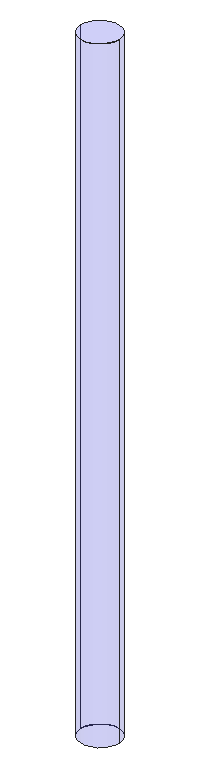
Revit family "1_pilastro cls", category Pilastri strutturali, Revit 2012
Parameters (values of type "pilastro r5")
  materiale = cls pilastro
  P_h = 164.7351 cm
  P_R = 5 cm
  1Volume = 3.14 * (P_R ^ 2) * P_h  # 0.0129317 m³
Types (4, lengths in cm): name | P_h | P_R | 1Volume
  (no name) | 164.7351 | 5 | 0.0129317 m³
  pilastro r10 | 164.7351 | 10 | 0.0517268 m³
  pilastro r7,5 | 200 | 7.5 | 0.035325 m³
  pilastro r5 | 164.7351 | 5 | 0.0129317 m³
Reference planes (cm)
  plane 1 "Centro (Fronte/Retro)": y = 0
  plane 2: z = 0
  plane 3 "Centro (Sinistra/Destra)": x = 0
  plane 4: z = 164.7351
Forms (cm)
  Extrusion 1, solid, material "cls pilastro" <- "materiale"
    sketch origin (0, 0, 0) x (1, 0, 0) y (0, 1, 0)
      loop
        circle (0, 0) r 5
    from 0 to 164.7351 <- "P_h"
Dimensions and locks (cm)
  "P_h": plane 4 to plane 2
  "P_R": radius of Extrusion 1 sketch curve
  aligned and locked: level to plane 2
  aligned and locked: plane 4 to Extrusion 1
Automatic sketch dimensions
  plane 1 "Centro (Fronte/Retro)" to Extrusion 1 sketch curve = 0 cm
  Extrusion 1 sketch curve to plane 3 "Centro (Sinistra/Destra)" = 0 cm
